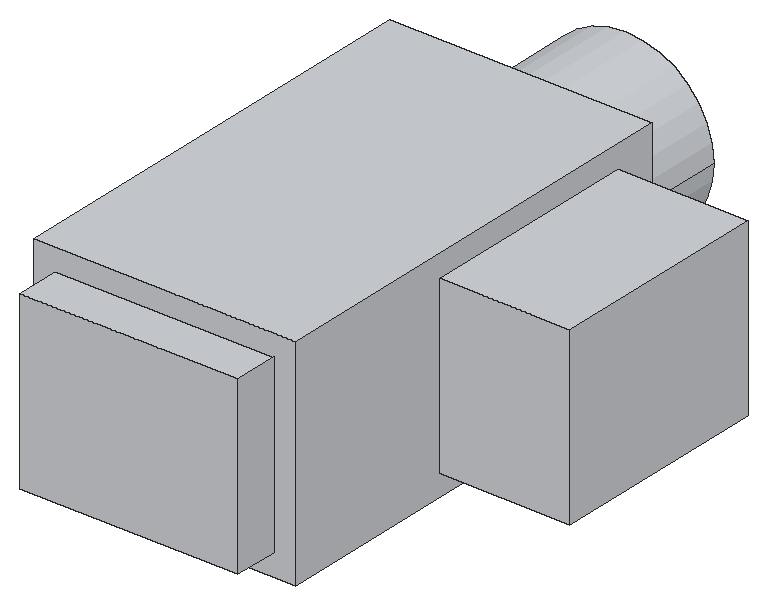
Revit family "M_Unidade VAV - Secundária", category Equipamento mecânico, Revit 2019
Family settings
  Cota do conector redondo = Usar raio
  Tipo de parte = Normal
  Número OmniClass = 23.75.70.21.24.14
  Título OmniClass = Variable Volume Air Terminal Units
  ID de item do Seek = VAV Unit - Bypass-0000-CAN-ENU
  Com base no plano de trabalho = Não
  Sempre na vertical = Sim
  Corte com vazios quando carregada = Não
  Compartilhado = Não
  Ponto de cálculo do ambiente = Não
Parameters (values of type "125 mm")
  LarguradaUnidade = 300 mm
  ComprimentodaUnidade = 510 mm
  AlturadaUnidade = 250 mm
  LarguradeFornecimento = 250 mm
  AlturadoFornecimento = 200 mm
  RaioPrimário = 100 mm
  ComprimentoPrimário = (ComprimentodaUnidade / 2) + 150 mm  # 405 mm
  LarguradoControledeSaída = (LarguradaUnidade / 2) + 150 mm  # 300 mm
  AlturadeMeiaUnidade = AlturadaUnidade / 2  # 125 mm
  AlturadeMeioFornecimento = AlturadoFornecimento / 2  # 100 mm
  Assembly Code = ""
  Fluxo de ar [instance] = 165.0 L/s
  Pressão do ar [instance] = 200.0 Pa
Types (7, lengths in mm): name | LarguradaUnidade | ComprimentodaUnidade | AlturadaUnidade | LarguradeFornecimento | AlturadoFornecimento | RaioPrimário | ComprimentoPrimário | LarguradoControledeSaída | AlturadeMeiaUnidade | AlturadeMeioFornecimento | Fluxo de ar
  125 mm | 300 | 510 | 250 | 250 | 200 | 100 | 405 | 300 | 125 | 100 | 165.0 L/s
  150 mm | 300 | 510 | 250 | 250 | 200 | 100 | 405 | 300 | 125 | 100 | 235.0 L/s
  200 mm | 400.8 | 510 | 300.8 | 350 | 250 | 100 | 405 | 350.4 | 150.4 | 125 | 425.0 L/s
  250 mm | 550 | 560 | 450 | 500 | 400 | 125 | 430 | 425 | 225 | 200 | 660.0 L/s
  300 mm | 700 | 760 | 450 | 650 | 400 | 150 | 530 | 500 | 225 | 200 | 945.0 L/s
  350 mm | 900 | 760 | 450 | 850 | 400 | 200 | 530 | 600 | 225 | 200 | 1415.0 L/s
  400 mm | 900 | 750 | 550 | 850 | 500 | 200 | 525 | 600 | 275 | 250 | 1890.0 L/s
Reference planes
  plane 1 "Centro (Frente/Trás)": y = 0
  plane 2: z = 0
  plane 3 "Centro (Esquerda/Direita)": x = 0
  plane 4: y = 255
  plane 5: y = -255
  plane 6: x = -150
  plane 7: x = 150
  plane 8: z = 125
  plane 9: z = -125
  plane 10: x = -125
  plane 11: x = 125
  plane 12: z = 100
  plane 13: z = -100
  plane 14: y = -305.8
  plane 15: y = 405
  plane 16: y = 204.2
  plane 17: y = -49.8
  plane 18: x = 300
Forms (mm)
  Extrusion 1, solid
    sketch origin (0, 0, 0) x (1, 0, 0) y (0, 1, 0)
      loop
        line (-150, -255) -> (150, -255) -> (150, 255) -> (-150, 255) -> (-150, -255)
    from -125 to 125
  Extrusion 2, solid
    sketch origin (0, 0, 0) x (1, 0, 0) y (0, 0, 1)
      loop
        line (-125, 100) -> (-125, -100) -> (125, -100) -> (125, 100) -> (-125, 100)
    from 255 to 305.8
  Extrusion 3, solid
    sketch origin (0, 0, 0) x (1, 0, 0) y (0, 0, 1)
      loop
        circle (0, 0) r 100
    from -405 to -255
  Extrusion 4, solid
    sketch origin (0, 0, 0) x (0, 1, 0) y (0, 0, 1)
      loop
        line (204.2, 100) -> (-49.8, 100) -> (-49.8, -100) -> (204.2, -100) -> (204.2, 100)
    from 150 to 300
Dimensions and locks
  equal spacing: plane 5, plane 1 "Centro (Frente/Trás)", plane 4
  "ComprimentodaUnidade": plane 5 to plane 4
  equal spacing: plane 6, plane 3 "Centro (Esquerda/Direita)", plane 7
  "LarguradaUnidade": plane 6 to plane 7
  "AlturadaUnidade": plane 8 to plane 9
  equal spacing: plane 10, plane 3 "Centro (Esquerda/Direita)", plane 11
  "LarguradeFornecimento": plane 10 to plane 11
  "AlturadoFornecimento": plane 12 to plane 13
  locked: plane 14 to plane 5 at 50.8
  "ComprimentoPrimário": plane 1 "Centro (Frente/Trás)" to plane 15
  "AlturadeMeiaUnidade": plane 2 to plane 8
  "AlturadeMeioFornecimento": plane 2 to plane 12
  locked: plane 4 to plane 16 at 50.8
  locked: plane 16 to plane 17 at 254
  "LarguradoControledeSaída": plane 3 "Centro (Esquerda/Direita)" to plane 18
  "RaioPrimário": radius of Extrusion 3 sketch curve
  aligned and locked: plane 6 to Extrusion 1 sketch curve
  aligned and locked: plane 5 to Extrusion 1 sketch curve
  aligned and locked: plane 4 to Extrusion 1 sketch curve
  aligned and locked: Extrusion 1 sketch curve to plane 7
  aligned and locked: plane 9 to Extrusion 1
  aligned and locked: Extrusion 1 to plane 8
  aligned and locked: plane 10 to Extrusion 2 sketch curve
  aligned and locked: plane 12 to Extrusion 2 sketch curve
  aligned and locked: plane 13 to Extrusion 2 sketch curve
  aligned and locked: plane 11 to Extrusion 2 sketch curve
  aligned and locked: plane 14 to Extrusion 2
  aligned and locked: Extrusion 2 to plane 5
  aligned and locked: plane 4 to Extrusion 3
  aligned and locked: Extrusion 3 to plane 15
  aligned and locked: plane 16 to Extrusion 4 sketch curve
  aligned and locked: Extrusion 4 sketch curve to plane 12
  aligned and locked: plane 13 to Extrusion 4 sketch curve
  aligned and locked: Extrusion 4 sketch curve to plane 17
  aligned and locked: plane 7 to Extrusion 4
  aligned and locked: Extrusion 4 to plane 18
Automatic sketch dimensions
  Extrusion 3 sketch curve to level = 0 mm
  Extrusion 3 sketch curve to plane 3 "Centro (Esquerda/Direita)" = 0 mm
Connectors
  hvac at (0, 405, 0), driven by "RaioPrimário", driven by "Fluxo de ar"
    settings: on Extrusion 3, index 0, duct flow 165.0 L/s, flow factor 0, pres drop 0.0 Pa, loss coef 0, conn angle 0.00°, conn width 304.8 mm, conn height 304.8 mm, conn diameter 200 mm, duct sys type 1, conn prof type 0, flow config 0, flow direction 1, loss method 4, conn ref index -1, conn util no, is conn primary yes, conn desc ""
  hvac at (0, -305.8, 0), driven by "AlturadoFornecimento", driven by "LarguradeFornecimento", driven by "Fluxo de ar", driven by "Pressão do ar"
    settings: on Extrusion 2, index 1, duct flow 165.0 L/s, flow factor 0, pres drop 200.0 Pa, loss coef 0, conn angle 0.00°, conn width 250 mm, conn height 200 mm, conn diameter 609.6 mm, duct sys type 1, conn prof type 1, flow config 0, flow direction 2, loss method 4, conn ref index -1, conn util no, is conn primary no, conn desc ""
